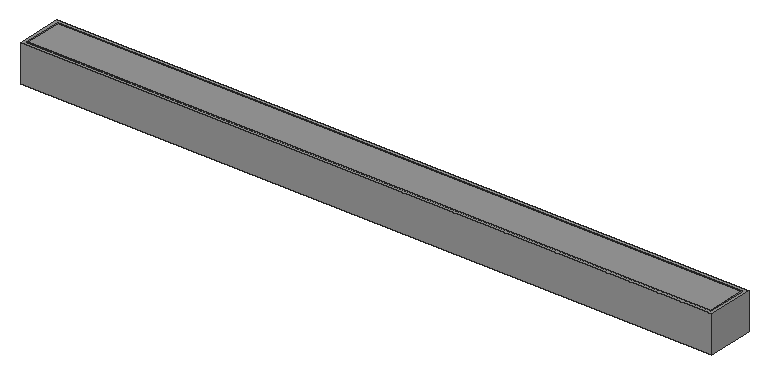
Revit family "R17-IVLB-Generic-Light-Line", category Lighting Fixtures, Revit 2020
Family settings
  Round Connector Dimension = Use Diameter
  Part Type = Normal
  OmniClass Number = 23.80.70.11.14.11
  OmniClass Title = Downlights
  Work Plane-Based = No
  Always vertical = Yes
  Cut with Voids When Loaded = No
  Light Source = Yes
  Shared = No
  Room Calculation Point = Yes
Parameters (values of type "Type Catalog")
  Wattage Comments = "19W"
  Wattage = 3.36605 W
  built-in parameter 1150110 = 1 (stored number, unit not read)
  Voltage = 230 V
  URL = "https://www.ivlibrary.com/"
  Type Comments = "TYPENAME"
  built-in parameter 1114217 = 1 (stored number, unit not read)
  Tilt Angle = 90.00°
  built-in parameter 1150109 = 1 (stored number, unit not read)
  built-in parameter 1150134 = 3
  Symbol_ToScale [instance] = not(Symbol_RealSize)  # no
  Symbol_RealSize [instance] = yes
  Switch Code [instance] = ""
  built-in parameter 1150113 = 1 (stored number, unit not read)
  Photometric Web File = "ES-M-PS-12S-827-PSD-MB-ALL-ALL.ies"
  Model = "FAMILYNAME"
  Manufacturer = "MANUFACTURER"
  built-in parameter 1150105 = 39.789 (stored number, unit not read)
  Luminous Flux (lm) = 500 lm
  Lumens = 500 lm
  built-in parameter 1150115 = 1 (stored number, unit not read)
  Luminaire Code [instance] = ""
  built-in parameter 1150137 = (empty or 0)
  built-in parameter 1150139 = (empty or 0)
  built-in parameter 1150112 = 1 (stored number, unit not read)
  built-in parameter 1150114 = 1 (stored number, unit not read)
  Lamp = "LED"
  Light Line - Width = 100 mm
  Light Line - Length = 1500 mm
  built-in parameter 1150132 = 2
  built-in parameter 1150102 = (empty or 0)
  built-in parameter 1150107 = 3200 (stored number, unit not read)
  built-in parameter 1150138 = (empty or 0)
  built-in parameter 1150106 = 0.39789 (stored number, unit not read)
  IfcExportType = "USERDEFINED"
  IfcExportAs = "IfcLightFixtureType"
  ISBN Code = "ISBNCODE"
  IP Value = "IPVALUE"
  IK Value = "IKVALUE"
  Housing_Material = Select RGB Value for different appearance
  Light Line - Height = 80 mm
  GTIN Code = "GTINCODE"
  Emit from Rectangle Width = 85 mm
  Emit from Rectangle Length = 1485 mm
  Emit Shape Visible in Rendering = no
  built-in parameter 1150104 = 13.8 (stored number, unit not read)
  ETIM Code = "ETIMCODE"
  Dimming Lamp Color Temperature Shift = <None>
  Description = ""
  Default Elevation = 0 mm
  Content Creator® = "www.ivlibrary.com"
  Color Filter = 16777215
  Calc_L2_Symbol = [Light Line - Width] / 100  # 1 mm
  Calc_L1_Symbol = [Light Line - Length] / 100  # 15 mm
  built-in parameter 1114218 = 1 (stored number, unit not read)
  built-in parameter 1150133 = 10 (stored number, unit not read)
  Assembly Code = "63.0"
  Apparent Load = 19 VA
Types (3, lengths in mm): name | Wattage | built-in parameter 1150105 | Lumens | built-in parameter 1150106 | Apparent Load
  Type Catalog | 3.36605 W | 39.789 (stored number, unit not read) | 500 lm | 0.39789 (stored number, unit not read) | 19 VA
  R17-IVLB-Generic-Light-Line - 11000 lm - 30 VA | 74.0531 W | 875.35 (stored number, unit not read) | 11000 lm | 8.7535 (stored number, unit not read) | 30 VA
  ivl temp - R17-IVLB-Generic-Light-Line | 74.0531 W | 875.35 (stored number, unit not read) | 11000 lm | 8.7535 (stored number, unit not read) | 30 VA
Reference planes
  plane 1 "Center (Front/Back)": y = 0
  plane 2: z = 0
  plane 3 "Center (Left/Right)": x = 0
  plane 4: x = -742.5
  plane 5: x = 742.5
  plane 6: y = 42.5
  plane 7: y = -42.5
  plane 8: x = -750
  plane 9: x = 750
  plane 10: y = -50
  plane 11: y = 50
Lines and regions (mm)
  symbolic lines, visible <- "Symbol_RealSize"
    curve 1: line (-750, -50, 0) -> (750, -50, 0)
    curve 2: line (-750, 50, 0) -> (-750, -50, 0)
    curve 3: line (750, 50, 0) -> (-750, 50, 0)
    curve 4: line (750, -50, 0) -> (750, 50, 0)
Dimensions and locks
  equal spacing: plane 11, plane 1 "Center (Front/Back)", plane 10
  equal spacing: plane 8, plane 3 "Center (Left/Right)", plane 9
  "Light Line - Length": plane 8 to plane 9
  "Light Line - Width": plane 11 to plane 10
  plane 8 to plane 4 = 7.5 mm
  plane 5 to plane 9 = 7.5 mm
  plane 6 to plane 11 = 7.5 mm
  plane 7 to plane 10 = 7.5 mm
  "Light Line - Height": level to imposter light
  aligned and locked: level to plane 2
  aligned and locked: level to nested 2
Automatic sketch dimensions
  curve 3 to plane 8 = 0 mm
  curve 1 to plane 9 = 0 mm
  curve 2 to plane 10 = 0 mm
  plane 11 to curve 2 = 0 mm
Nested families
  nested 1: "Parametric Light-Line Symbol" at (0, 0, 0), L1 <- "Calc_L1_Symbol", L2 <- "Calc_L2_Symbol", visible <- "Symbol_ToScale", type "Parametric LED Panel Symbol"
    with L2 1 mm, L1 15 mm
  nested 2: "SM Light-line Geometry" at (0, 0, 0), type "Type Catalog"
    with Symbol_ToScale no, Symbol_RealSize yes, Switch Code "", Luminaire Code "", L1 1500 mm, Calc_L1_Symbol 15 mm
Connectors
  electrical at (0, 0, 0), driven by "Voltage", driven by "Apparent Load"
    settings: index 1, voltage 230 V, apparent load 0 VA, apparent load phase1 19 VA, apparent load phase2 0 VA, apparent load phase3 0 VA, power factor 1, load classification "Lighting", number of poles 1, system type 31, power factor state 1, is connector primary yes, connector utility no, sub classification motor no, connector description ""
Definition of nested family "SM Light-line Geometry"
  Parameters (values of type "Type Catalog")
    Wattage Comments = "19W"
    Voltage = 230 V
    URL = "https://www.ivlibrary.com/"
    Type Comments = "TYPENAME"
    Symbol_ToScale [instance] = not(Symbol_RealSize)  # no
    Symbol_RealSize [instance] = yes
    Switch Code [instance] = ""
    Model = "FAMILYNAME"
    Manufacturer = "MANUFACTURER"
    Luminous Flux (lm) = 500 lm
    Luminaire Code [instance] = ""
    Lamp = "LED"
    LED Panel = yes
    L3 = 7.5 mm
    L2 = 100 mm
    L1 = 1030 mm
    IfcExportType = "USERDEFINED"
    IfcExportAs = "IfcLightFixtureType"
    ISBN Code = "ISBNCODE"
    IP Value = "IPVALUE"
    IK Value = "IKVALUE"
    Housing_Material = none
    H1 = 80 mm
    GTIN Code = "GTINCODE"
    ETIM Code = "ETIMCODE"
    Description = ""
    Default Elevation = 0 mm
    Content Creator® = "www.ivlibrary.com"
    Calc_L2_Symbol = L2 / 100  # 1 mm
    Calc_L1_Symbol = L1 / 100  # 10.3 mm
    Assembly Code = "63.0"
    Apparent Load = 19 VA
  Reference planes
    plane 1 "Center (Front/Back)": y = 0
    plane 2: z = 0
    plane 3 "Center (Left/Right)": x = 0
    plane 4: x = -507.5
    plane 5: x = 507.5
    plane 6: y = 42.5
    plane 7: y = -42.5
    plane 8: x = -515
    plane 9: x = 515
    plane 10: y = -50
    plane 11: y = 50
  Forms (mm)
    Extrusion 1, solid, material <- "Housing_Material"
      sketch origin (0, 0, -77) x (1, 0, 0) y (0, 1, 0)
        loop
          line (-507.5, 42.5) -> (-507.5, -42.5) -> (507.5, -42.5) -> (507.5, 42.5) -> (-507.5, 42.5)
      from -2.103 to 77
    Extrusion 2, solid, material <- "Housing_Material"
      sketch origin (0, 0, -243) x (1, 0, 0) y (0, 1, 0)
        loop
          line (-507.5, 42.5) -> (-507.5, -42.5) -> (507.5, -42.5) -> (507.5, 42.5) -> (-507.5, 42.5)
        loop
          line (-515, -50) -> (515, -50) -> (515, 50) -> (-515, 50) -> (-515, -50)
      from 243 to 163
    Extrusion 3, solid
      sketch origin (0, 0, -79.5) x (1, 0, 0) y (0, 1, 0)
        loop
          line (-507.5, 42.5) -> (-507.5, -42.5) -> (507.5, -42.5) -> (507.5, 42.5) -> (-507.5, 42.5)
      from 0.397 to -0.5
  Lines and regions (mm)
    symbolic lines, visible <- "Symbol_RealSize"
      curve 1: line (-515, -50, 0) -> (515, -50, 0)
      curve 2: line (-515, 50, 0) -> (-515, -50, 0)
      curve 3: line (515, 50, 0) -> (-515, 50, 0)
      curve 4: line (515, -50, 0) -> (515, 50, 0)
  Dimensions and locks
    equal spacing: plane 11, plane 1 "Center (Front/Back)", plane 10
    equal spacing: plane 8, plane 3 "Center (Left/Right)", plane 9
    "L1": plane 8 to plane 9
    "L2": plane 11 to plane 10
    "L3": plane 8 to plane 4
    "L3": plane 5 to plane 9
    "L3": plane 6 to plane 11
    "L3": plane 7 to plane 10
    "H1": level to Extrusion 2
    Extrusion 1 to Extrusion 2 = 0.897 mm
    locked: Extrusion 3 to Extrusion 2 at 0.897
    aligned and locked: level to plane 2
    aligned and locked: level to Extrusion 2
    aligned and locked: Extrusion 2 to Extrusion 3
    aligned and locked: Extrusion 1 to Extrusion 3
  Automatic sketch dimensions
    curve 3 to plane 8 = 0 mm
    curve 3 to plane 9 = 0 mm
    curve 1 to plane 10 = 0 mm
    plane 11 to curve 3 = 0 mm
    Extrusion 1 sketch curve to plane 4 = 0 mm
    Extrusion 1 sketch curve to plane 5 = 0 mm
    Extrusion 1 sketch curve to plane 7 = 0 mm
    Extrusion 1 sketch curve to plane 6 = 0 mm
    Extrusion 2 sketch curve to plane 8 = 0 mm
    Extrusion 2 sketch curve to plane 4 = 0 mm
    Extrusion 2 sketch curve to plane 5 = 0 mm
    Extrusion 2 sketch curve to plane 9 = 0 mm
    Extrusion 2 sketch curve to plane 10 = 0 mm
    Extrusion 2 sketch curve to plane 7 = 0 mm
    Extrusion 2 sketch curve to plane 6 = 0 mm
    plane 11 to Extrusion 2 sketch curve = 0 mm
    Extrusion 3 sketch curve to plane 4 = 0 mm
    Extrusion 3 sketch curve to plane 5 = 0 mm
    Extrusion 3 sketch curve to plane 7 = 0 mm
    Extrusion 3 sketch curve to plane 6 = 0 mm
  Nested families
    nested 1: "Parametric Light-Line Symbol" at (0, 0, 0), L1 <- "Calc_L1_Symbol", L2 <- "Calc_L2_Symbol", visible <- "Symbol_ToScale", type "Parametric LED Panel Symbol"
      with L2 1 mm, L1 10.3 mm
  Connectors
    electrical at (0, 0, 0), driven by "Voltage", driven by "Apparent Load"
      settings: index 2, voltage 230 V, apparent load 0 VA, apparent load phase1 19 VA, apparent load phase2 0 VA, apparent load phase3 0 VA, power factor 1, load classification none, number of poles 1, system type 31, power factor state 1, is connector primary yes, connector utility no, sub classification motor no, connector description ""
  Definition of nested family "Parametric Light-Line Symbol"
    Parameters (values of type "Parametric LED Panel Symbol")
      L2 [instance] = 4.484 mm
      L1 [instance] = 6.437 mm
    Reference planes
      plane 1: y = 0
      plane 2: x = 0
    Lines and regions (mm)
      detail lines
        curve 1: line (-3.219, 2.242, 0) -> (3.219, 2.242, 0)
        curve 2: line (-3.219, -2.242, 0) -> (-3.219, 2.242, 0)
        curve 3: line (3.219, -2.242, 0) -> (-3.219, -2.242, 0)
        curve 4: line (3.219, 2.242, 0) -> (3.219, -2.242, 0)
    Dimensions and locks
      equal spacing: curve 2, plane 2, curve 4
      equal spacing: curve 3, plane 1, curve 1
      "L1": curve 2 to curve 4
      "L2": curve 3 to curve 1
Definition of nested family "Parametric Light-Line Symbol"
  Parameters (values of type "Parametric LED Panel Symbol")
    L2 [instance] = 4.484 mm
    L1 [instance] = 6.437 mm
  Reference planes
    plane 1: y = 0
    plane 2: x = 0
  Lines and regions (mm)
    detail lines
      curve 1: line (-3.219, 2.242, 0) -> (3.219, 2.242, 0)
      curve 2: line (-3.219, -2.242, 0) -> (-3.219, 2.242, 0)
      curve 3: line (3.219, -2.242, 0) -> (-3.219, -2.242, 0)
      curve 4: line (3.219, 2.242, 0) -> (3.219, -2.242, 0)
  Dimensions and locks
    equal spacing: curve 2, plane 2, curve 4
    equal spacing: curve 3, plane 1, curve 1
    "L1": curve 2 to curve 4
    "L2": curve 3 to curve 1
